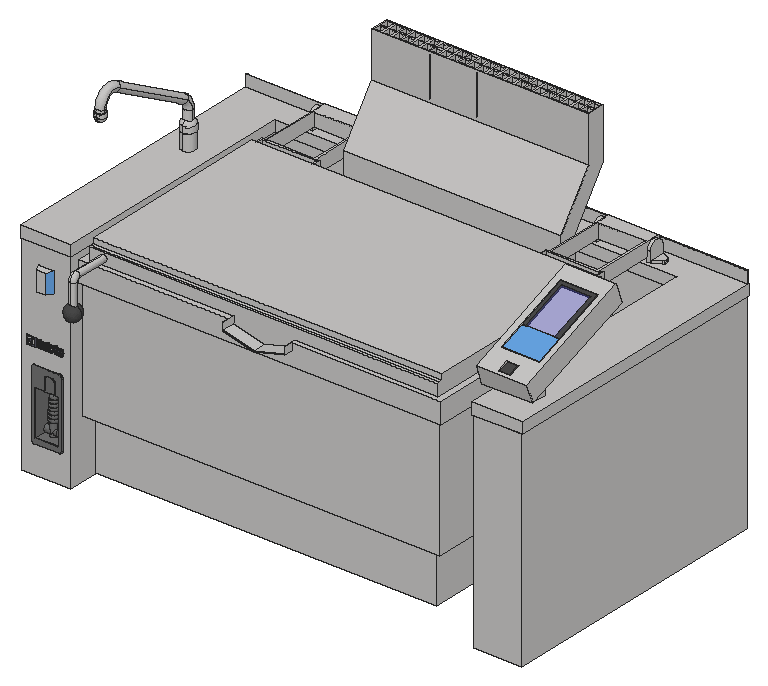
Revit family "QF_ELECTROLUXPROFESSIONAL_586297_PFET17GLCX", category Attrezzature speciali, Revit 2023
Family settings
  Quota connettore circolare = Usa raggio
  Tipo di parte = Normale
  Basato su piano di lavoro = No
  Attiva taglio nelle viste = No
  Sempre verticale = Sì
  Taglio con vuoti quando caricato = No
  Mantieni orientamento annotazione = No
  Condiviso = Sì
  Punto di calcolo locali = No
Parameters (values of type "Standard")
  Weight = 300.00 kg
  Watts = 0 W
  Volts = 230 V
  URL Manufacturer = "http://professional.electrolux.com"
  URL = "http://professional.electrolux.com"
  Steam Supply Size = 0"
  Steam Supply Minimum Pressure = 0.00 psi
  Steam Supply Maximum Pressure = 0.00 psi
  Steam Pounds per Hour = 0
  Show Logo [instance] = yes
  Refrigeration Suction Line Size = 0"
  Refrigeration Liquid Line Size = 0"
  Refrigerant Compressor Remote = yes
  Prospetto di default = 0.00 mm
  Plinth Base Finish [instance] = QF_Finishes_Concrete
  Plinth Base [instance] = not(Base Height = 500.00 mm)  # yes
  Phase = 1
  Modello = "PFET17GLCS"
  Produttore = "Electrolux Professional"
  Length Actual = 1600.00 mm  # constant formula
  Item Number = "586958"
  Hot Water Size = 1/2"
  Height Actual = 700.00 mm  # constant formula
  HP = "0.3 HP"
  Gas Size = 1"
  Gas KW = 29
  Gas Input Pressure = 0.941485 Btu/h
  Direct Waste Size = 0"
  Descrizione = "GAS TILTING BRAISING PAN,AUTO H/C WATER FILL INLET,SPRAY GUN, 170L,H700,COMPOUND,BS,FS,D900,REAR CLS KIT,GUID.COOK.S"
  Depth Actual = 900.00 mm  # constant formula
  Cycle = 50 Hz
  Condensate Return Size = 0"
  Compressed Air Volume = 0 GPM
  Compressed Air Size = 0"
  Compressed Air Pressure = 0.00 psi
  Cold Water Size = 1/2"
  Bracket [instance] = Base Height = 500.00 mm  # no
  Body Finish [instance] = QF_Finishes_Stainless Steel
  Base Height = 200.00 mm
  Show Clearance [instance] = yes
  Assembly Code = ""
  Accessory = yes
Reference planes
  plane 1 "BACK": y = 0
  plane 2: z = 0
  plane 3 "LEFT": x = 0
  plane 4 "RIGHT": x = 1600
  plane 5 "FRONT": y = -900
  plane 6 "TOP": z = 900
  plane 7: z = 200
  plane 8 "Center": x = 800
  plane 9: y = -450
  plane 10: y = -971
  plane 11: z = 913.881
  plane 12: z = 1865
  plane 13: y = -1014
  plane 14: y = -680
Forms (mm)
  Extrusion 1, solid, material "QF_Finishes_Stainless Steel" <- "Body Finish"
    sketch origin (0, 0, 900) x (-1, 0, 0) y (0, -1, 0)
      loop
        line (0, 0) -> (0, 900) -> (-160, 900) -> (-160, 86) -> (-1440, 86) -> (-1440, 900) -> (-1600, 900) -> (-1600, 0) -> (0, 0)
    from 0 to -35
  Extrusion 2, solid, material "QF_Finishes_Stainless Steel" <- "Body Finish"
    sketch origin (0, 0, 0) x (1, 0, 0) y (0, 0, 1)
      loop
        line (157, 865) -> (157, 500) -> (1443, 500) -> (1443, 865) -> (157, 865)
    from 3 to 83
  Extrusion 3, solid, material "QF_Finishes_Stainless Steel" <- "Body Finish"
    sketch origin (0, 0, 0) x (1, 0, 0) y (0, 0, 1)
      loop
        line (230, 454.5) -> (1370, 454.5) -> (1370, 833) -> (230, 833) -> (230, 454.5)
    from 265 to 940
  Extrusion 4, solid, material "QF_Finishes_Stainless Steel" <- "Body Finish"
    sketch origin (-975.299, -4572, 900) x (-1, 0, 0) y (0, -1, 0)
      loop
        line (-1230.839, -4289.157) -> (-1234.839, -4289.157) -> (-1234.839, -4309.857) -> (-1410.839, -4309.857) -> (-1410.839, -4289.157) -> (-1414.839, -4289.157) -> (-1414.839, -4313.857) -> (-1402.239, -4313.857) -> (-1402.239, -4549.945) -> (-1243.239, -4549.945) -> (-1243.239, -4313.857) -> (-1230.839, -4313.857) -> (-1230.839, -4289.157)
      loop
        line (-1247.239, -4313.857) -> (-1398.239, -4313.857) -> (-1398.239, -4502) -> (-1247.239, -4502) -> (-1247.239, -4313.857)
    from 11 to 56
  Sweep 5, solid, material "QF_Finishes_Stainless Steel" <- "Body Finish"
    path origin (287.976, -51.8, 0) x (0, 1, 0) y (0, 0, 1)
      loop
        line (-877.5, 920) -> (-985.5, 920)
        arc (-985.5, 920) -> (-994.07, 916.45) -> (-997.619, 907.881) r 12.119
        line (-997.619, 907.881) -> (-997.619, 837.881)
    profile origin (287.976, -983.3, 920) x (0, 0, -1) y (1, 0, 0)
      loop
        circle (0, 0) r 10
  Revolve 6, solid, material "QF_Finishes_Black"
    sketch origin (0, -1049.419, 0) x (1, 0, 0) y (0, 0, 1)
      loop
        line (287.976, 837.881) -> (287.976, 792.881)
        arc (287.976, 792.881) -> (312.449, 812.773) -> (297.976, 840.794) r 25
        line (297.976, 840.794) -> (297.976, 837.881) -> (287.976, 837.881)
      axis (287.976, 792.881) -> (287.976, 840.794)
    angle from 0 to 360
  Extrusion 7, void
    sketch origin (0, -820, 0) x (1, 0, 0) y (0, 0, 1)
      loop
        line (700.793, 900) -> (700.793, 876.744) -> (800.793, 851.202) -> (900.793, 876.744) -> (900.793, 900) -> (700.793, 900)
    from 94.3 to 151
  Extrusion 8, solid, material "QF_Finishes_Stainless Steel" <- "Body Finish"
    sketch origin (337.94, -205.3, 900) x (0, 1, 0) y (0, 0, -1)
      loop
        line (135.3, 0) -> (135.3, -32)
        arc (135.3, -32) -> (159.273, -55.973) -> (183.245, -32) r 23.973
        line (183.245, -32) -> (183.245, 0) -> (135.3, 0)
    from 82.9 to 70
  Extrusion 9, solid, material "QF_Finishes_Stainless Steel" <- "Body Finish"
    sketch origin (509.84, -101, 900) x (0, 1, 0) y (0, 0, -1)
      loop
        line (31, 0) -> (31, -32)
        arc (31, -32) -> (54.973, -55.973) -> (78.945, -32) r 23.973
        line (78.945, -32) -> (78.945, 0) -> (31, 0)
    from 70 to 82.9
  Extrusion 10, solid, material "QF_Finishes_Stainless Steel" <- "Body Finish"
    sketch origin (862.06, -101, 900) x (0, 1, 0) y (0, 0, 1)
      loop
        line (31, 0) -> (78.945, 0) -> (78.945, 32)
        arc (78.945, 32) -> (54.973, 55.973) -> (31, 32) r 23.973
        line (31, 32) -> (31, 0)
    from 470 to 482.9
  Extrusion 11, solid, material "QF_Finishes_Stainless Steel" <- "Body Finish"
    sketch origin (690.16, -101, 900) x (0, 1, 0) y (0, 0, 1)
      loop
        line (31, 0) -> (78.945, 0) -> (78.945, 32)
        arc (78.945, 32) -> (54.973, 55.973) -> (31, 32) r 23.973
        line (31, 32) -> (31, 0)
    from 470 to 482.9
  Blend 12, solid, material "QF_Finishes_Stainless Steel" <- "Body Finish"
    base sketch origin (157, -897, 0) x (-1, 0, 0) y (0, 0, -1)
      loop
        line (100.5, -805.4) -> (100.5, -738.6) -> (53.5, -738.6) -> (53.5, -805.4) -> (100.5, -805.4)
    top sketch origin (157, -897, 0) x (-1, 0, 0) y (0, 0, -1)
      loop
        line (90.448, -802.617) -> (90.448, -741.383) -> (63.552, -741.383) -> (63.552, -802.617) -> (90.448, -802.617)
    from 0 to 20.065
  Extrusion 13, solid, material "QF_Finishes_Stainless Steel" <- "Body Finish"
    sketch origin (0, 0, 900) x (-1, 0, 0) y (0, -1, 0)
      loop
        line (-1133.888, 36.346) -> (-1130.354, 39.408) -> (-1128.411, 43.662) -> (-1128.411, 47.996) -> (-1130.354, 52.592) -> (-1133.888, 55.654) -> (-1160.16, 70) -> (-1160.16, 22) -> (-1133.888, 36.346)
      loop
        line (-1371.232, 36.346) -> (-1344.96, 22) -> (-1344.96, 70) -> (-1371.232, 55.654) -> (-1374.766, 52.592) -> (-1376.709, 47.996) -> (-1376.709, 43.662) -> (-1374.766, 39.408) -> (-1371.232, 36.346)
      loop
        line (-466.112, 36.346) -> (-439.84, 22) -> (-439.84, 70) -> (-466.112, 55.654) -> (-469.646, 52.592) -> (-471.589, 47.996) -> (-471.589, 43.662) -> (-469.646, 39.408) -> (-466.112, 36.346)
      loop
        line (-228.768, 36.346) -> (-225.234, 39.408) -> (-223.291, 43.662) -> (-223.291, 47.996) -> (-225.234, 52.592) -> (-228.768, 55.654) -> (-255.04, 70) -> (-255.04, 22) -> (-228.768, 36.346)
    from 0 to 8
  Extrusion 14, solid, material "QF_Finishes_Stainless Steel" <- "Body Finish"
    sketch origin (0, 0, 0) x (0, 1, 0) y (0, 0, 1)
      loop
        line (-914.3, 957.5) -> (-914.3, 939.75) -> (-926.264, 939.75)
        arc (-926.264, 939.75) -> (-928.435, 938.566) -> (-929.3, 936.25) r 3.536
        line (-929.3, 936.25) -> (-929.3, 900) -> (-282.843, 900) -> (-282.843, 957.5) -> (-914.3, 957.5)
    from 245.454 to 1355.493
  Revolve 15, solid, material "QF_Finishes_Stainless Steel" <- "Body Finish"
    sketch origin (-975.299, -4623, 730) x (-1, 0, 0) y (0, -1, 0)
      loop
        line (-1205.299, -4000) -> (-1138.736, -4000) -> (-1138.736, -4030) -> (-1132.299, -4030) -> (-1132.299, -3943) -> (-1205.299, -3943) -> (-1205.299, -4000)
      loop
        line (-2345.299, -4000) -> (-2345.299, -3943) -> (-2418.299, -3943) -> (-2418.299, -4030) -> (-2411.861, -4030) -> (-2411.861, -4000) -> (-2345.299, -4000)
      axis (-1132.299, -3943) -> (-2418.299, -3943)
    angle from 0 to 360
  Extrusion 16, solid, material "QF_Finishes_Stainless Steel" <- "Body Finish"
    sketch origin (-975.299, -4572, 900) x (-1, 0, 0) y (0, -1, 0)
      loop
        line (-1199.802, -4307) -> (-1199.802, -3625.985) -> (-2353.192, -3625.985) -> (-2353.192, -4307) -> (-1199.802, -4307)
    from -67 to 0
  Extrusion 17, solid, material "QF_Finishes_Clearance", visible <- "Show Clearance", detail levels coarse
    sketch origin (337.94, -205.3, 900) x (0, 1, 0) y (0, 0, -1)
      loop
        line (183.245, -56) -> (-726.755, -56)
        arc (-726.755, -56) -> (-538.692, -602.19) -> (-89.181, -965) r 1044.91
        line (-89.181, -965) -> (183.245, -56)
    from -1017.553 to 92.486
  Extrusion 18, solid, material "QF_Finishes_Clearance", visible <- "Show Clearance", detail levels coarse
    sketch origin (600, 0, 0) x (0, 1, 0) y (0, 0, 1)
      loop
        line (-940, 833) -> (-971, 833) -> (-971, 893.936)
        arc (-971, 893.936) -> (-1012.856, 702.38) -> (-940, 520.343) r 334
        line (-940, 520.343) -> (-940, 833)
    from -375.497 to 777.893
  Extrusion 19, solid, material "QF_Finishes_Stainless Steel"
    sketch origin (0, 0, 386.36) x (0, 0, 1) y (1, 0, 0)
      loop
        circle (8.64, 106.204) r 6.35
      loop
        circle (8.64, 46.204) r 6.35
      loop
        circle (-41.36, 75) r 12.7
    from 0 to 5
  Extrusion 20, solid, material "QF_Finishes_Stainless Steel"
    sketch origin (1040, 0, 386.36) x (0, 0, 1) y (1, 0, 0)
      loop
        circle (-66.36, 481.204) r 6.35
    from 0 to 5
  Extrusion 21, solid, material "QF_Finishes_Stainless Steel" <- "Body Finish"
    sketch origin (800, 0, 0) x (0, 1, 0) y (0, 0, 1)
      loop
        line (-180, 956) -> (-180, 598) -> (-265, 598) -> (-265, 540) -> (-122, 540) -> (-122, 937.155) -> (-10.18, 1091.061) -> (-10.18, 1254) -> (-68.18, 1254) -> (-68.18, 1109.907) -> (-180, 956)
    from -345 to 345
  Extrusion 22, solid, material "QF_Finishes_Stainless Steel" <- "Body Finish"
    sketch origin (0, 0, 29.5) x (1, 0, 0) y (0, 0, 1)
      loop
        line (256.991, 425) -> (256.991, 263.5) -> (1342.245, 263.5) -> (1342.245, 425) -> (256.991, 425)
    from 265 to 920
  Extrusion 23, solid, material "QF_Finishes_Stainless Steel" <- "Body Finish"
    sketch origin (0, -100, 0) x (1, 0, 0) y (0, 1, 0)
      loop
        line (157, 97) -> (3, 97) -> (3, -797) -> (157, -797) -> (157, 97)
      loop
        line (1597, 97) -> (1443, 97) -> (1443, -797) -> (1597, -797) -> (1597, 97)
    from 200 to 865
  Extrusion 24, solid, material "Navy Blue", visible <- "Show Logo"
    sketch origin (160, -897, 0) x (-1, 0, 0) y (0, 0, -1)
      loop
        line (101.332, -593.18) -> (109.793, -593.18) -> (109.793, -583.327)
        arc (109.793, -583.327) -> (108.679, -580.639) -> (105.991, -579.525) r 3.802
        line (105.991, -579.525) -> (101.168, -579.525) -> (101.168, -581.736) -> (105.441, -581.736)
        arc (105.441, -581.736) -> (106.845, -582.21) -> (107.442, -583.566) r 1.838
        line (107.442, -583.566) -> (107.442, -585.52) -> (101.698, -585.52) -> (101.698, -587.738) -> (107.442, -587.738) -> (107.442, -590.968) -> (101.332, -590.968) -> (101.332, -593.18)
      loop
        line (99.498, -593.18) -> (99.498, -579.525) -> (97.146, -579.525) -> (97.146, -593.18) -> (99.498, -593.18)
      loop
        line (48.417, -593.18) -> (48.417, -579.525) -> (46.064, -579.525) -> (46.064, -593.18) -> (48.417, -593.18)
      loop
        line (93.257, -583.886) -> (85.539, -583.886)
        arc (85.539, -583.886) -> (86.746, -588.126) -> (90.874, -589.672) r 4.89
        arc (90.874, -589.672) -> (94.51, -587.828) -> (95.548, -583.886) r 4.976
        arc (95.548, -583.886) -> (94.182, -580.589) -> (90.886, -579.224) r 4.662
        arc (90.886, -579.224) -> (88.32, -579.602) -> (86.169, -581.05) r 5.86
        line (86.169, -581.05) -> (87.562, -582.444)
        arc (87.562, -582.444) -> (89.391, -581.347) -> (91.516, -581.531) r 3.458
        arc (91.516, -581.531) -> (92.812, -582.394) -> (93.257, -583.886) r 2.29
      loop
        line (93.198, -585.539) -> (87.902, -585.539)
        arc (87.902, -585.539) -> (88.645, -587.103) -> (90.278, -587.679) r 2.256
        arc (90.278, -587.679) -> (92.162, -587.188) -> (93.198, -585.539) r 2.64
      loop
        line (76.371, -586.524) -> (74.894, -588)
        arc (74.894, -588) -> (76.746, -589.341) -> (78.997, -589.742) r 5.117
        arc (78.997, -589.742) -> (82.429, -588.487) -> (84.231, -585.308) r 5.293
        arc (84.231, -585.308) -> (81.194, -579.733) -> (74.977, -581.018) r 5.33
        line (74.977, -581.018) -> (76.446, -582.487)
        arc (76.446, -582.487) -> (79.616, -581.438) -> (81.887, -583.886) r 3.088
        arc (81.887, -583.886) -> (81.729, -585.821) -> (80.396, -587.234) r 2.933
        arc (80.396, -587.234) -> (78.264, -587.559) -> (76.371, -586.524) r 3.369
      loop
        line (73.45, -593.18) -> (73.45, -583.849)
        arc (73.45, -583.849) -> (73.246, -582.449) -> (72.722, -581.135) r 6.031
        arc (72.722, -581.135) -> (71.044, -579.8) -> (68.918, -579.519) r 4.018
        line (68.918, -579.519) -> (68.918, -581.723)
        arc (68.918, -581.723) -> (69.55, -581.771) -> (70.139, -582.005) r 2.118
        arc (70.139, -582.005) -> (70.895, -582.804) -> (71.098, -583.886) r 1.949
        line (71.098, -583.886) -> (71.098, -587.265) -> (68.962, -587.265) -> (68.962, -589.401) -> (71.098, -589.401) -> (71.098, -593.18) -> (73.45, -593.18)
      loop
        arc (64.65, -584.717) -> (64.482, -585.701) -> (63.997, -586.574) r 2.967
        arc (63.997, -586.574) -> (62.588, -587.297) -> (61.004, -587.265) r 3.231
        line (61.004, -587.265) -> (61.004, -589.525)
        arc (61.004, -589.525) -> (63.073, -589.33) -> (64.65, -587.977) r 3.432
        line (64.65, -587.977) -> (64.65, -589.401) -> (66.983, -589.401) -> (66.983, -579.525) -> (64.65, -579.525) -> (64.65, -584.717)
      loop
        circle (55.254, -584.461) r 5.233
      loop
        circle (55.254, -584.461) r 3.172
      loop
        arc (37.582, -583.638) -> (38.162, -582.041) -> (39.738, -581.405) r 2.088
        arc (39.738, -581.405) -> (41.313, -582.041) -> (41.894, -583.638) r 2.088
        line (41.894, -583.638) -> (41.894, -589.401) -> (44.266, -589.401) -> (44.266, -583.442)
        arc (44.266, -583.442) -> (42.916, -580.365) -> (39.738, -579.275) r 4.181
        arc (39.738, -579.275) -> (36.524, -580.398) -> (35.211, -583.539) r 4.181
        line (35.211, -583.539) -> (35.211, -589.401) -> (37.582, -589.401) -> (37.582, -583.638)
      loop
        line (33.789, -589.401) -> (30.374, -584.764) -> (34.126, -579.522) -> (31.598, -579.522) -> (29.107, -583.001) -> (26.58, -579.522) -> (24.068, -579.522) -> (27.767, -584.817) -> (24.385, -589.401) -> (26.952, -589.401) -> (29.115, -586.469) -> (31.245, -589.401) -> (33.789, -589.401)
      loop
        line (108.47, -573.865) -> (110.346, -573.865) -> (110.346, -569.143) -> (109.319, -569.143) -> (109.319, -570.769) -> (108.185, -570.769)
        arc (108.185, -570.769) -> (106.916, -572.447) -> (108.47, -573.865) r 1.561
      loop
        arc (108.23, -571.697) -> (107.841, -572.304) -> (108.23, -572.911) r 0.668
        line (108.23, -572.911) -> (109.319, -572.911) -> (109.319, -571.697) -> (108.23, -571.697)
      loop
        line (101.061, -573.865) -> (102.968, -573.865) -> (102.968, -569.143) -> (101.942, -569.143) -> (101.942, -570.769) -> (100.949, -570.769) -> (100.27, -569.143) -> (99.168, -569.143) -> (100.097, -571.134)
        arc (100.097, -571.134) -> (99.652, -571.665) -> (99.502, -572.343) r 1.458
        arc (99.502, -572.343) -> (99.971, -573.421) -> (101.061, -573.865) r 1.559
      loop
        line (101.942, -572.911) -> (101.942, -571.697) -> (100.852, -571.697)
        arc (100.852, -571.697) -> (100.464, -572.304) -> (100.852, -572.911) r 0.668
        line (100.852, -572.911) -> (101.942, -572.911)
      loop
        circle (93.139, -571.504) r 2.453
      loop
        circle (93.139, -571.504) r 1.557
      loop
        line (86.655, -573.865) -> (86.655, -569.143) -> (85.654, -569.143) -> (85.654, -570.793) -> (83.876, -570.793) -> (83.876, -571.851) -> (85.654, -571.851) -> (85.654, -572.847) -> (83.706, -572.847) -> (83.706, -573.865) -> (86.655, -573.865)
      loop
        line (79.724, -573.865) -> (79.724, -570.677)
        arc (79.724, -570.677) -> (79.288, -569.596) -> (78.213, -569.146) r 1.51
        line (78.213, -569.146) -> (76.689, -569.146) -> (76.689, -570.038) -> (78.122, -570.038)
        arc (78.122, -570.038) -> (78.65, -570.475) -> (78.753, -571.151) r 0.961
        line (78.753, -571.151) -> (76.866, -571.151) -> (76.866, -572.043) -> (78.753, -572.043) -> (78.753, -572.973) -> (76.735, -572.973) -> (76.735, -573.865) -> (79.724, -573.865)
      loop
        arc (62.624, -573.267) -> (63.249, -573.78) -> (64.041, -573.943) r 1.69
        arc (64.041, -573.943) -> (64.773, -573.764) -> (65.374, -573.31) r 1.872
        arc (65.374, -573.31) -> (65.486, -572.238) -> (64.794, -571.411) r 1.385
        arc (64.794, -571.411) -> (64.212, -571.217) -> (63.66, -570.95) r 4.78
        arc (63.66, -570.95) -> (63.312, -570.539) -> (63.552, -570.057) r 0.489
        arc (63.552, -570.057) -> (63.998, -569.952) -> (64.442, -570.065) r 0.963
        arc (64.442, -570.065) -> (64.826, -570.341) -> (65.061, -570.752) r 1.118
        line (65.061, -570.752) -> (65.887, -570.367)
        arc (65.887, -570.367) -> (65.589, -569.793) -> (65.11, -569.36) r 1.815
        arc (65.11, -569.36) -> (64.566, -569.127) -> (63.978, -569.068) r 1.957
        arc (63.978, -569.068) -> (63.25, -569.213) -> (62.595, -569.561) r 2.556
        arc (62.595, -569.561) -> (62.305, -570.331) -> (62.455, -571.139) r 1.535
        arc (62.455, -571.139) -> (62.778, -571.512) -> (63.19, -571.781) r 1.779
        arc (63.19, -571.781) -> (63.712, -572.014) -> (64.248, -572.215) r 9.371
        arc (64.248, -572.215) -> (64.557, -572.696) -> (64.11, -573.053) r 0.427
        arc (64.11, -573.053) -> (63.575, -572.924) -> (63.163, -572.558) r 1.135
        line (63.163, -572.558) -> (62.624, -573.267)
      loop
        line (58.291, -573.865) -> (58.291, -569.146) -> (57.321, -569.146) -> (57.321, -573.865) -> (58.291, -573.865)
      loop
        circle (50.779, -571.506) r 1.468
      loop
        circle (50.779, -571.506) r 2.451
      loop
        line (44.27, -569.146) -> (43.289, -569.146) -> (43.289, -572.113) -> (41.131, -569.146) -> (40.187, -569.146) -> (40.187, -573.865) -> (41.168, -573.865) -> (41.168, -570.808) -> (43.326, -573.865) -> (44.27, -573.865) -> (44.27, -569.146)
      loop
        line (35.295, -569.146) -> (34.836, -570.164) -> (33.09, -570.164) -> (32.631, -569.146) -> (31.588, -569.146) -> (33.581, -573.865) -> (34.491, -573.865) -> (36.337, -569.146) -> (35.295, -569.146)
      loop
        line (33.526, -571.132) -> (33.993, -572.169) -> (34.447, -571.132) -> (33.526, -571.132)
      loop
        line (26.769, -570.038) -> (26.769, -573.865) -> (27.739, -573.865) -> (27.739, -569.146) -> (24.954, -569.146) -> (24.954, -570.038) -> (26.769, -570.038)
      loop
        arc (69.698, -573.267) -> (70.324, -573.78) -> (71.116, -573.943) r 1.69
        arc (71.116, -573.943) -> (71.847, -573.764) -> (72.449, -573.31) r 1.872
        arc (72.449, -573.31) -> (72.56, -572.238) -> (71.868, -571.411) r 1.385
        arc (71.868, -571.411) -> (71.287, -571.217) -> (70.735, -570.95) r 4.78
        arc (70.735, -570.95) -> (70.386, -570.539) -> (70.627, -570.057) r 0.489
        arc (70.627, -570.057) -> (71.073, -569.952) -> (71.517, -570.065) r 0.963
        arc (71.517, -570.065) -> (71.901, -570.341) -> (72.136, -570.752) r 1.118
        line (72.136, -570.752) -> (72.961, -570.367)
        arc (72.961, -570.367) -> (72.664, -569.793) -> (72.184, -569.36) r 1.815
        arc (72.184, -569.36) -> (71.64, -569.127) -> (71.052, -569.068) r 1.957
        arc (71.052, -569.068) -> (70.325, -569.213) -> (69.669, -569.561) r 2.556
        arc (69.669, -569.561) -> (69.38, -570.331) -> (69.529, -571.139) r 1.535
        arc (69.529, -571.139) -> (69.852, -571.512) -> (70.265, -571.781) r 1.779
        arc (70.265, -571.781) -> (70.787, -572.014) -> (71.322, -572.215) r 9.371
        arc (71.322, -572.215) -> (71.632, -572.696) -> (71.185, -573.053) r 0.427
        arc (71.185, -573.053) -> (70.649, -572.924) -> (70.238, -572.558) r 1.135
        line (70.238, -572.558) -> (69.698, -573.267)
      loop
        line (124.467, -593.367) -> (124.467, -568.534)
        arc (124.467, -568.534) -> (115.287, -580.95) -> (124.467, -593.367) r 12.987
      loop
        arc (125.423, -593.446) -> (135.891, -591.227) -> (141.022, -581.837) r 12.809
        line (141.022, -581.837) -> (135.422, -581.837)
        arc (135.422, -581.837) -> (128.84, -585.012) -> (125.423, -591.472) r 11.707
        line (125.423, -591.472) -> (125.423, -593.446)
      loop
        arc (125.73, -570.332) -> (129.585, -577.251) -> (136.925, -580.23) r 11.93
        line (136.925, -580.23) -> (141.033, -580.23)
        arc (141.033, -580.23) -> (136.066, -570.804) -> (125.73, -568.215) r 13.06
        line (125.73, -568.215) -> (125.73, -570.332)
      loop
        line (141.976, -594.722) -> (141.976, -567.122) -> (114.339, -567.122) -> (114.339, -594.722) -> (141.976, -594.722)
    from 0 to 0.697
  Extrusion 25, void
    sketch origin (0, -900, 0) x (1, 0, 0) y (0, 0, 1)
      loop
        line (125.4, 500.944) -> (43.4, 500.944) -> (43.4, 305.944) -> (125.4, 305.944) -> (125.4, 500.944)
    from 0 to -63
  Extrusion 26, solid, material "QF_Finishes_Stainless Steel"
    sketch origin (800, -100, 0) x (0, 1, 0) y (0, 0, 1)
      loop
        line (98, 937.998) -> (98, 900) -> (100, 900) -> (100, 937.998) -> (98, 937.998)
    from 800 to -800
  Extrusion 27, solid, material "QF_Finishes_Stainless Steel" <- "Body Finish"
    sketch origin (0, -900, 0) x (1, 0, 0) y (0, 0, 1)
      loop
        line (700.793, 900) -> (700.793, 876.744) -> (800.793, 851.202) -> (900.793, 876.744) -> (900.793, 900) -> (898.793, 900) -> (898.793, 878.297) -> (800.793, 853.267) -> (702.793, 878.297) -> (702.793, 900) -> (700.793, 900)
    from 14.3 to 71
  Extrusion 28, solid, material "QF_Finishes_Stainless Steel" <- "Body Finish"
    sketch origin (0, -900, 0) x (1, 0, 0) y (0, 0, 1)
      loop
        line (704.793, 900) -> (704.793, 879.85) -> (800.793, 855.331) -> (896.793, 879.85) -> (896.793, 900) -> (704.793, 900)
    from 14.3 to 29.3
  Extrusion 29, solid, material "QF_Finishes_Stainless Steel" <- "Body Finish"
    sketch origin (2575.299, -4572, 900) x (1, 0, 0) y (0, 1, 0)
      loop
        line (-1230.839, 4289.157) -> (-1230.839, 4313.857) -> (-1243.239, 4313.857) -> (-1243.239, 4549.945) -> (-1402.239, 4549.945) -> (-1402.239, 4313.857) -> (-1414.839, 4313.857) -> (-1414.839, 4289.157) -> (-1410.839, 4289.157) -> (-1410.839, 4309.857) -> (-1234.839, 4309.857) -> (-1234.839, 4289.157) -> (-1230.839, 4289.157)
      loop
        line (-1247.239, 4313.857) -> (-1247.239, 4502) -> (-1398.239, 4502) -> (-1398.239, 4313.857) -> (-1247.239, 4313.857)
    from 11 to 56
  Extrusion 30, void
    sketch origin (0, 0, 900) x (-1, 0, 0) y (0, -1, 0)
      loop
        line (-458, 40.68) -> (-458, 64.68) -> (-482, 64.68) -> (-482, 40.68) -> (-458, 40.68)
      loop
        line (-458, 37.68) -> (-482, 37.68) -> (-482, 13.68) -> (-458, 13.68) -> (-458, 37.68)
      loop
        line (-488, 40.68) -> (-488, 64.68) -> (-512, 64.68) -> (-512, 40.68) -> (-488, 40.68)
      loop
        line (-488, 37.68) -> (-512, 37.68) -> (-512, 13.68) -> (-488, 13.68) -> (-488, 37.68)
      loop
        line (-518, 40.68) -> (-518, 64.68) -> (-542, 64.68) -> (-542, 40.68) -> (-518, 40.68)
      loop
        line (-518, 37.68) -> (-542, 37.68) -> (-542, 13.68) -> (-518, 13.68) -> (-518, 37.68)
      loop
        line (-548, 40.68) -> (-548, 64.68) -> (-572, 64.68) -> (-572, 40.68) -> (-548, 40.68)
      loop
        line (-548, 37.68) -> (-572, 37.68) -> (-572, 13.68) -> (-548, 13.68) -> (-548, 37.68)
      loop
        line (-578, 40.68) -> (-578, 64.68) -> (-602, 64.68) -> (-602, 40.68) -> (-578, 40.68)
      loop
        line (-578, 37.68) -> (-602, 37.68) -> (-602, 13.68) -> (-578, 13.68) -> (-578, 37.68)
      loop
        line (-608, 40.68) -> (-608, 64.68) -> (-632, 64.68) -> (-632, 40.68) -> (-608, 40.68)
      loop
        line (-608, 37.68) -> (-632, 37.68) -> (-632, 13.68) -> (-608, 13.68) -> (-608, 37.68)
      loop
        line (-638, 40.68) -> (-638, 64.68) -> (-662, 64.68) -> (-662, 40.68) -> (-638, 40.68)
      loop
        line (-638, 37.68) -> (-662, 37.68) -> (-662, 13.68) -> (-638, 13.68) -> (-638, 37.68)
      loop
        line (-668, 40.68) -> (-668, 64.68) -> (-692, 64.68) -> (-692, 40.68) -> (-668, 40.68)
      loop
        line (-668, 37.68) -> (-692, 37.68) -> (-692, 13.68) -> (-668, 13.68) -> (-668, 37.68)
      loop
        line (-698, 40.68) -> (-698, 64.68) -> (-722, 64.68) -> (-722, 40.68) -> (-698, 40.68)
      loop
        line (-698, 37.68) -> (-722, 37.68) -> (-722, 13.68) -> (-698, 13.68) -> (-698, 37.68)
      loop
        line (-728, 40.68) -> (-728, 64.68) -> (-752, 64.68) -> (-752, 40.68) -> (-728, 40.68)
      loop
        line (-728, 37.68) -> (-752, 37.68) -> (-752, 13.68) -> (-728, 13.68) -> (-728, 37.68)
      loop
        line (-758, 40.68) -> (-758, 64.68) -> (-782, 64.68) -> (-782, 40.68) -> (-758, 40.68)
      loop
        line (-758, 37.68) -> (-782, 37.68) -> (-782, 13.68) -> (-758, 13.68) -> (-758, 37.68)
      loop
        line (-788, 40.68) -> (-788, 64.68) -> (-812, 64.68) -> (-812, 40.68) -> (-788, 40.68)
      loop
        line (-788, 37.68) -> (-812, 37.68) -> (-812, 13.68) -> (-788, 13.68) -> (-788, 37.68)
      loop
        line (-1142, 40.68) -> (-1118, 40.68) -> (-1118, 64.68) -> (-1142, 64.68) -> (-1142, 40.68)
      loop
        line (-1142, 37.68) -> (-1142, 13.68) -> (-1118, 13.68) -> (-1118, 37.68) -> (-1142, 37.68)
      loop
        line (-1112, 40.68) -> (-1088, 40.68) -> (-1088, 64.68) -> (-1112, 64.68) -> (-1112, 40.68)
      loop
        line (-1112, 37.68) -> (-1112, 13.68) -> (-1088, 13.68) -> (-1088, 37.68) -> (-1112, 37.68)
      loop
        line (-1082, 40.68) -> (-1058, 40.68) -> (-1058, 64.68) -> (-1082, 64.68) -> (-1082, 40.68)
      loop
        line (-1082, 37.68) -> (-1082, 13.68) -> (-1058, 13.68) -> (-1058, 37.68) -> (-1082, 37.68)
      loop
        line (-1052, 40.68) -> (-1028, 40.68) -> (-1028, 64.68) -> (-1052, 64.68) -> (-1052, 40.68)
      loop
        line (-1052, 37.68) -> (-1052, 13.68) -> (-1028, 13.68) -> (-1028, 37.68) -> (-1052, 37.68)
      loop
        line (-1022, 40.68) -> (-998, 40.68) -> (-998, 64.68) -> (-1022, 64.68) -> (-1022, 40.68)
      loop
        line (-1022, 37.68) -> (-1022, 13.68) -> (-998, 13.68) -> (-998, 37.68) -> (-1022, 37.68)
      loop
        line (-992, 40.68) -> (-968, 40.68) -> (-968, 64.68) -> (-992, 64.68) -> (-992, 40.68)
      loop
        line (-992, 37.68) -> (-992, 13.68) -> (-968, 13.68) -> (-968, 37.68) -> (-992, 37.68)
      loop
        line (-962, 40.68) -> (-938, 40.68) -> (-938, 64.68) -> (-962, 64.68) -> (-962, 40.68)
      loop
        line (-962, 37.68) -> (-962, 13.68) -> (-938, 13.68) -> (-938, 37.68) -> (-962, 37.68)
      loop
        line (-932, 40.68) -> (-908, 40.68) -> (-908, 64.68) -> (-932, 64.68) -> (-932, 40.68)
      loop
        line (-932, 37.68) -> (-932, 13.68) -> (-908, 13.68) -> (-908, 37.68) -> (-932, 37.68)
      loop
        line (-902, 40.68) -> (-878, 40.68) -> (-878, 64.68) -> (-902, 64.68) -> (-902, 40.68)
      loop
        line (-902, 37.68) -> (-902, 13.68) -> (-878, 13.68) -> (-878, 37.68) -> (-902, 37.68)
      loop
        line (-872, 40.68) -> (-848, 40.68) -> (-848, 64.68) -> (-872, 64.68) -> (-872, 40.68)
      loop
        line (-872, 37.68) -> (-872, 13.68) -> (-848, 13.68) -> (-848, 37.68) -> (-872, 37.68)
      loop
        line (-842, 40.68) -> (-818, 40.68) -> (-818, 64.68) -> (-842, 64.68) -> (-842, 40.68)
      loop
        line (-842, 37.68) -> (-842, 13.68) -> (-818, 13.68) -> (-818, 37.68) -> (-842, 37.68)
    from 218.129 to 354
Cuts and joins
  Extrusion 7 cuts Extrusion 16
  joined: Extrusion 3, Extrusion 14, Extrusion 16, Extrusion 27, Extrusion 28
  Extrusion 25 cuts Extrusion 23
  Extrusion 30 cuts Extrusion 21
Lines and regions (mm)
  symbolic lines
    curve 1: line (1600, 0, 900) -> (0, 0, 900)
    curve 2: line (1600, -900, 900) -> (1600, 0, 900)
    curve 3: line (1440, -900, 900) -> (1600, -900, 900)
    curve 4: line (1440, -86, 900) -> (1440, -900, 900)
    curve 5: line (0, 0, 900) -> (0, -900, 900)
    curve 6: line (160, -900, 900) -> (160, -86, 900)
    curve 7: line (0, -900, 900) -> (160, -900, 900)
    curve 8: line (160, -86, 900) -> (267.94, -86, 900)
    curve 9: line (1332.06, -86, 900) -> (1440, -86, 900)
    curve 10: line (1377.893, -265, 900) -> (1377.893, -946.015, 900)
    curve 11: line (224.503, -265, 900) -> (224.503, -946.015, 900)
    curve 19: line (0, -2, 0) -> (1600, -2, 0)
    curve 20: arc (277.976, -1049.419, 0) -> (287.976, -1059.419, 0) -> (297.976, -1049.419, 0) r 10
    curve 21: line (277.976, -929.3, 0) -> (277.976, -1049.419, 0)
    curve 22: arc (277.976, -1026.507, 0) -> (287.976, -1074.419, 0) -> (297.976, -1026.507, 0) r 25
    curve 23: line (297.976, -929.3, 0) -> (297.976, -1049.419, 0)
    curve 24: line (700.793, -971, 0) -> (700.793, -929.3, 0)
    curve 25: line (702.793, -971, 0) -> (702.793, -929.3, 0)
    curve 26: line (800.793, -971, 0) -> (800.793, -929.3, 0)
    curve 27: line (898.793, -971, 0) -> (898.793, -929.3, 0)
    curve 28: line (900.793, -971, 0) -> (900.793, -929.3, 0)
    curve 29: line (271.94, -86, 0) -> (422.94, -86, 0)
    curve 30: line (426.94, -86, 0) -> (455, -86, 0)
    curve 31: line (255.54, -265, 0) -> (224.503, -265, 0)
    curve 32: line (259.54, -265, 0) -> (435.54, -265, 0)
    curve 33: line (439.54, -265, 0) -> (1160.46, -265, 0)
    curve 34: line (1164.46, -265, 0) -> (1339.46, -265, 0)
    curve 35: line (1344.46, -265, 0) -> (1377.893, -265, 0)
    curve 36: line (1328.06, -86, 0) -> (1177.06, -86, 0)
    curve 37: line (1173.06, -86, 0) -> (1145, -86, 0)
    curve 38: line (245.454, -282.843, 0) -> (245.454, -929.3, 0)
    curve 39: line (1355.493, -282.843, 0) -> (245.454, -282.843, 0)
    curve 40: line (1355.493, -929.3, 0) -> (1355.493, -282.843, 0)
    curve 41: line (245.454, -929.3, 0) -> (1355.493, -929.3, 0)
    curve 42: line (245.454, -914.3, 0) -> (1355.493, -914.3, 0)
    curve 43: line (277.976, -946.015, 0) -> (224.503, -946.015, 0)
    curve 44: line (297.976, -946.015, 0) -> (700.793, -946.015, 0)
    curve 45: line (700.793, -971, 0) -> (900.793, -971, 0)
    curve 46: line (900.793, -946.015, 0) -> (1377.893, -946.015, 0)
    curve 47: line (255.54, -258.143, 0) -> (255.54, -282.843, 0)
    curve 48: line (267.94, -258.143, 0) -> (255.54, -258.143, 0)
    curve 49: line (267.94, -22.055, 0) -> (267.94, -258.143, 0)
    curve 50: line (259.54, -262.143, 0) -> (435.54, -262.143, 0)
    curve 51: line (259.54, -282.843, 0) -> (259.54, -262.143, 0)
    curve 52: line (439.54, -282.843, 0) -> (439.54, -258.143, 0)
    curve 53: line (435.54, -262.143, 0) -> (435.54, -282.843, 0)
    curve 54: line (439.54, -258.143, 0) -> (426.94, -258.143, 0)
    curve 55: line (426.94, -258.143, 0) -> (426.94, -22.055, 0)
    curve 56: line (422.94, -70, 0) -> (422.94, -258.143, 0)
    curve 57: line (271.94, -258.143, 0) -> (271.94, -70, 0)
    curve 58: line (267.94, -22.055, 0) -> (267.94, -258.143, 0)
    curve 59: line (422.94, -258.143, 0) -> (271.94, -258.143, 0)
    curve 60: line (440.04, -22.055, 0) -> (255.04, -22.055, 0)
    curve 61: line (255.04, -70, 0) -> (267.94, -70, 0)
    curve 62: line (255.04, -22.055, 0) -> (255.04, -70, 0)
    curve 63: line (255.04, -22, 0) -> (228.768, -36.346, 0)
    curve 64: line (228.768, -55.654, 0) -> (255.04, -70, 0)
    curve 65: line (223.291, -43.662, 0) -> (223.291, -47.996, 0)
    curve 66: line (225.234, -39.408, 0) -> (223.291, -43.662, 0)
    curve 67: line (228.768, -36.346, 0) -> (225.234, -39.408, 0)
    curve 68: line (223.291, -47.996, 0) -> (225.234, -52.592, 0)
    curve 69: line (225.234, -52.592, 0) -> (228.768, -55.654, 0)
    curve 70: line (426.94, -70, 0) -> (439.84, -70, 0)
    curve 71: line (439.84, -70, 0) -> (439.84, -22, 0)
    curve 72: line (455, -30.278, 0) -> (439.84, -22, 0)
    curve 73: line (439.84, -70, 0) -> (455, -61.722, 0)
    curve 74: line (1160.16, -22, 0) -> (1145, -30.278, 0)
    curve 75: line (1145, -61.722, 0) -> (1160.16, -70, 0)
    curve 76: line (1160.16, -22, 0) -> (1160.16, -70, 0)
    curve 77: line (1344.96, -22.055, 0) -> (1160.16, -22.055, 0)
    curve 78: line (1160.16, -70, 0) -> (1173.06, -70, 0)
    curve 79: line (1344.96, -70, 0) -> (1344.96, -22, 0)
    curve 80: line (1371.232, -36.346, 0) -> (1344.96, -22, 0)
    curve 81: line (1344.96, -70, 0) -> (1371.232, -55.654, 0)
    curve 82: line (1374.766, -39.408, 0) -> (1371.232, -36.346, 0)
    curve 83: line (1376.709, -43.662, 0) -> (1374.766, -39.408, 0)
    curve 84: line (1376.709, -47.996, 0) -> (1376.709, -43.662, 0)
    curve 85: line (1374.766, -52.592, 0) -> (1376.709, -47.996, 0)
    curve 86: line (1371.232, -55.654, 0) -> (1374.766, -52.592, 0)
    curve 87: line (1332.06, -70, 0) -> (1344.96, -70, 0)
    curve 88: line (1340.46, -262.143, 0) -> (1340.46, -282.843, 0)
    curve 89: line (1164.46, -262.143, 0) -> (1340.46, -262.143, 0)
    curve 90: line (1164.46, -282.843, 0) -> (1164.46, -262.143, 0)
    curve 91: line (1436.563, -623, 0) -> (1377.893, -623, 0)
    curve 92: line (1436.563, -737, 0) -> (1377.893, -737, 0)
    curve 93: line (1436.563, -767, 0) -> (1436.563, -593, 0)
    curve 94: line (1436.563, -593, 0) -> (1440, -593, 0)
    curve 95: line (1436.563, -767, 0) -> (1440, -767, 0)
    curve 96: line (163.437, -623, 0) -> (222.107, -623, 0)
    curve 97: line (163.437, -737, 0) -> (222.107, -737, 0)
    curve 98: line (163.437, -767, 0) -> (163.437, -593, 0)
    curve 99: line (163.437, -593, 0) -> (160, -593, 0)
    curve 100: line (163.437, -767, 0) -> (160, -767, 0)
    curve 101: line (455, -10.18, 0) -> (1145, -10.18, 0)
    curve 102: line (1145, -10.18, 0) -> (1145, -265, 0)
    curve 103: line (455, -10.18, 0) -> (455, -265, 0)
    curve 104: line (1145, -68.18, 0) -> (455, -68.18, 0)
    curve 105: line (455, -180, 0) -> (1145, -180, 0)
    curve 106: line (1145, -122, 0) -> (455, -122, 0)
    curve 107: line (271.94, -70, 0) -> (422.94, -70, 0)
    curve 108: line (1332.06, -22.055, 0) -> (1332.06, -258.143, 0)
    curve 109: line (1173.06, -258.143, 0) -> (1173.06, -22.055, 0)
    curve 110: line (1177.06, -70, 0) -> (1177.06, -258.143, 0)
    curve 111: line (1328.06, -258.143, 0) -> (1328.06, -70, 0)
    curve 112: line (1177.06, -70, 0) -> (1328.06, -70, 0)
    curve 113: line (1328.06, -258.143, 0) -> (1177.06, -258.143, 0)
    curve 114: line (1344.46, -282.843, 0) -> (1344.46, -258.143, 0)
    curve 115: line (1344.46, -258.143, 0) -> (1332.06, -258.143, 0)
    curve 116: line (1160.46, -282.843, 0) -> (1160.46, -258.143, 0)
    curve 117: line (1160.46, -258.143, 0) -> (1173.06, -258.143, 0)
    curve 118: line (458, -13.68, 0) -> (482, -13.68, 0)
    curve 119: line (458, -37.68, 0) -> (458, -13.68, 0)
    curve 120: line (482, -37.68, 0) -> (458, -37.68, 0)
    curve 121: line (482, -13.68, 0) -> (482, -37.68, 0)
    curve 122: line (458, -40.68, 0) -> (482, -40.68, 0)
    curve 123: line (458, -64.68, 0) -> (458, -40.68, 0)
    curve 124: line (482, -64.68, 0) -> (458, -64.68, 0)
    curve 125: line (482, -40.68, 0) -> (482, -64.68, 0)
    curve 126: line (488, -13.68, 0) -> (512, -13.68, 0)
    curve 127: line (488, -37.68, 0) -> (488, -13.68, 0)
    curve 128: line (512, -37.68, 0) -> (488, -37.68, 0)
    curve 129: line (512, -13.68, 0) -> (512, -37.68, 0)
    curve 130: line (488, -40.68, 0) -> (512, -40.68, 0)
    curve 131: line (488, -64.68, 0) -> (488, -40.68, 0)
    curve 132: line (512, -64.68, 0) -> (488, -64.68, 0)
    curve 133: line (512, -40.68, 0) -> (512, -64.68, 0)
    curve 134: line (518, -13.68, 0) -> (542, -13.68, 0)
    curve 135: line (518, -37.68, 0) -> (518, -13.68, 0)
    curve 136: line (542, -37.68, 0) -> (518, -37.68, 0)
    curve 137: line (542, -13.68, 0) -> (542, -37.68, 0)
    curve 138: line (518, -40.68, 0) -> (542, -40.68, 0)
    curve 139: line (518, -64.68, 0) -> (518, -40.68, 0)
    curve 140: line (542, -64.68, 0) -> (518, -64.68, 0)
    curve 141: line (542, -40.68, 0) -> (542, -64.68, 0)
    curve 142: line (548, -13.68, 0) -> (572, -13.68, 0)
    curve 143: line (548, -37.68, 0) -> (548, -13.68, 0)
    curve 144: line (572, -37.68, 0) -> (548, -37.68, 0)
    curve 145: line (572, -13.68, 0) -> (572, -37.68, 0)
    curve 146: line (548, -40.68, 0) -> (572, -40.68, 0)
    curve 147: line (548, -64.68, 0) -> (548, -40.68, 0)
    curve 148: line (572, -64.68, 0) -> (548, -64.68, 0)
    curve 149: line (572, -40.68, 0) -> (572, -64.68, 0)
    curve 150: line (578, -13.68, 0) -> (602, -13.68, 0)
    curve 151: line (578, -37.68, 0) -> (578, -13.68, 0)
    curve 152: line (602, -37.68, 0) -> (578, -37.68, 0)
    curve 153: line (602, -13.68, 0) -> (602, -37.68, 0)
    curve 154: line (578, -40.68, 0) -> (602, -40.68, 0)
    curve 155: line (578, -64.68, 0) -> (578, -40.68, 0)
    curve 156: line (602, -64.68, 0) -> (578, -64.68, 0)
    curve 157: line (602, -40.68, 0) -> (602, -64.68, 0)
    curve 158: line (608, -13.68, 0) -> (632, -13.68, 0)
    curve 159: line (608, -37.68, 0) -> (608, -13.68, 0)
    curve 160: line (632, -37.68, 0) -> (608, -37.68, 0)
    curve 161: line (632, -13.68, 0) -> (632, -37.68, 0)
    curve 162: line (608, -40.68, 0) -> (632, -40.68, 0)
    curve 163: line (608, -64.68, 0) -> (608, -40.68, 0)
    curve 164: line (632, -64.68, 0) -> (608, -64.68, 0)
    curve 165: line (632, -40.68, 0) -> (632, -64.68, 0)
    curve 166: line (638, -13.68, 0) -> (662, -13.68, 0)
    curve 167: line (638, -37.68, 0) -> (638, -13.68, 0)
    curve 168: line (662, -37.68, 0) -> (638, -37.68, 0)
    curve 169: line (662, -13.68, 0) -> (662, -37.68, 0)
    curve 170: line (638, -40.68, 0) -> (662, -40.68, 0)
    curve 171: line (638, -64.68, 0) -> (638, -40.68, 0)
    curve 172: line (662, -64.68, 0) -> (638, -64.68, 0)
    curve 173: line (662, -40.68, 0) -> (662, -64.68, 0)
    curve 174: line (668, -13.68, 0) -> (692, -13.68, 0)
    curve 175: line (668, -37.68, 0) -> (668, -13.68, 0)
    curve 176: line (692, -37.68, 0) -> (668, -37.68, 0)
    curve 177: line (692, -13.68, 0) -> (692, -37.68, 0)
    curve 178: line (668, -40.68, 0) -> (692, -40.68, 0)
    curve 179: line (668, -64.68, 0) -> (668, -40.68, 0)
    curve 180: line (692, -64.68, 0) -> (668, -64.68, 0)
    curve 181: line (692, -40.68, 0) -> (692, -64.68, 0)
    curve 182: line (698, -13.68, 0) -> (722, -13.68, 0)
    curve 183: line (698, -37.68, 0) -> (698, -13.68, 0)
    curve 184: line (722, -37.68, 0) -> (698, -37.68, 0)
    curve 185: line (722, -13.68, 0) -> (722, -37.68, 0)
    curve 186: line (698, -40.68, 0) -> (722, -40.68, 0)
    curve 187: line (698, -64.68, 0) -> (698, -40.68, 0)
    curve 188: line (722, -64.68, 0) -> (698, -64.68, 0)
    curve 189: line (722, -40.68, 0) -> (722, -64.68, 0)
    curve 190: line (728, -13.68, 0) -> (752, -13.68, 0)
    curve 191: line (728, -37.68, 0) -> (728, -13.68, 0)
    curve 192: line (752, -37.68, 0) -> (728, -37.68, 0)
    curve 193: line (752, -13.68, 0) -> (752, -37.68, 0)
    curve 194: line (728, -40.68, 0) -> (752, -40.68, 0)
    curve 195: line (728, -64.68, 0) -> (728, -40.68, 0)
    curve 196: line (752, -64.68, 0) -> (728, -64.68, 0)
    curve 197: line (752, -40.68, 0) -> (752, -64.68, 0)
    curve 198: line (758, -13.68, 0) -> (782, -13.68, 0)
    curve 199: line (758, -37.68, 0) -> (758, -13.68, 0)
    curve 200: line (782, -37.68, 0) -> (758, -37.68, 0)
    curve 201: line (782, -13.68, 0) -> (782, -37.68, 0)
    curve 202: line (758, -40.68, 0) -> (782, -40.68, 0)
    curve 203: line (758, -64.68, 0) -> (758, -40.68, 0)
    curve 204: line (782, -64.68, 0) -> (758, -64.68, 0)
    curve 205: line (782, -40.68, 0) -> (782, -64.68, 0)
    curve 206: line (788, -13.68, 0) -> (812, -13.68, 0)
    curve 207: line (788, -37.68, 0) -> (788, -13.68, 0)
    curve 208: line (812, -37.68, 0) -> (788, -37.68, 0)
    curve 209: line (812, -13.68, 0) -> (812, -37.68, 0)
    curve 210: line (788, -40.68, 0) -> (812, -40.68, 0)
    curve 211: line (788, -64.68, 0) -> (788, -40.68, 0)
    curve 212: line (812, -64.68, 0) -> (788, -64.68, 0)
    curve 213: line (812, -40.68, 0) -> (812, -64.68, 0)
    curve 214: line (818, -13.68, 0) -> (842, -13.68, 0)
    curve 215: line (818, -37.68, 0) -> (818, -13.68, 0)
    curve 216: line (842, -37.68, 0) -> (818, -37.68, 0)
    curve 217: line (842, -13.68, 0) -> (842, -37.68, 0)
    curve 218: line (818, -40.68, 0) -> (842, -40.68, 0)
    curve 219: line (818, -64.68, 0) -> (818, -40.68, 0)
    curve 220: line (842, -64.68, 0) -> (818, -64.68, 0)
    curve 221: line (842, -40.68, 0) -> (842, -64.68, 0)
    curve 222: line (848, -13.68, 0) -> (872, -13.68, 0)
    curve 223: line (848, -37.68, 0) -> (848, -13.68, 0)
    curve 224: line (872, -37.68, 0) -> (848, -37.68, 0)
    curve 225: line (872, -13.68, 0) -> (872, -37.68, 0)
    curve 226: line (848, -40.68, 0) -> (872, -40.68, 0)
    curve 227: line (848, -64.68, 0) -> (848, -40.68, 0)
    curve 228: line (872, -64.68, 0) -> (848, -64.68, 0)
    curve 229: line (872, -40.68, 0) -> (872, -64.68, 0)
    curve 230: line (878, -13.68, 0) -> (902, -13.68, 0)
    curve 231: line (878, -37.68, 0) -> (878, -13.68, 0)
    curve 232: line (902, -37.68, 0) -> (878, -37.68, 0)
    curve 233: line (902, -13.68, 0) -> (902, -37.68, 0)
    curve 234: line (878, -40.68, 0) -> (902, -40.68, 0)
    curve 235: line (878, -64.68, 0) -> (878, -40.68, 0)
    curve 236: line (902, -64.68, 0) -> (878, -64.68, 0)
    curve 237: line (902, -40.68, 0) -> (902, -64.68, 0)
    curve 238: line (908, -13.68, 0) -> (932, -13.68, 0)
    curve 239: line (908, -37.68, 0) -> (908, -13.68, 0)
    curve 240: line (932, -37.68, 0) -> (908, -37.68, 0)
    curve 241: line (932, -13.68, 0) -> (932, -37.68, 0)
    curve 242: line (908, -40.68, 0) -> (932, -40.68, 0)
    curve 243: line (908, -64.68, 0) -> (908, -40.68, 0)
    curve 244: line (932, -64.68, 0) -> (908, -64.68, 0)
    curve 245: line (932, -40.68, 0) -> (932, -64.68, 0)
    curve 246: line (938, -13.68, 0) -> (962, -13.68, 0)
    curve 247: line (938, -37.68, 0) -> (938, -13.68, 0)
    curve 248: line (962, -37.68, 0) -> (938, -37.68, 0)
    curve 249: line (962, -13.68, 0) -> (962, -37.68, 0)
    curve 250: line (938, -40.68, 0) -> (962, -40.68, 0)
    curve 251: line (938, -64.68, 0) -> (938, -40.68, 0)
    curve 252: line (962, -64.68, 0) -> (938, -64.68, 0)
    curve 253: line (962, -40.68, 0) -> (962, -64.68, 0)
    curve 254: line (968, -13.68, 0) -> (992, -13.68, 0)
    curve 255: line (968, -37.68, 0) -> (968, -13.68, 0)
    curve 256: line (992, -37.68, 0) -> (968, -37.68, 0)
    curve 257: line (992, -13.68, 0) -> (992, -37.68, 0)
    curve 258: line (968, -40.68, 0) -> (992, -40.68, 0)
    curve 259: line (968, -64.68, 0) -> (968, -40.68, 0)
    curve 260: line (992, -64.68, 0) -> (968, -64.68, 0)
    curve 261: line (992, -40.68, 0) -> (992, -64.68, 0)
    curve 262: line (998, -13.68, 0) -> (1022, -13.68, 0)
    curve 263: line (998, -37.68, 0) -> (998, -13.68, 0)
    curve 264: line (1022, -37.68, 0) -> (998, -37.68, 0)
    curve 265: line (1022, -13.68, 0) -> (1022, -37.68, 0)
    curve 266: line (998, -40.68, 0) -> (1022, -40.68, 0)
    curve 267: line (998, -64.68, 0) -> (998, -40.68, 0)
    curve 268: line (1022, -64.68, 0) -> (998, -64.68, 0)
    curve 269: line (1022, -40.68, 0) -> (1022, -64.68, 0)
    curve 270: line (1028, -13.68, 0) -> (1052, -13.68, 0)
    curve 271: line (1028, -37.68, 0) -> (1028, -13.68, 0)
    curve 272: line (1052, -37.68, 0) -> (1028, -37.68, 0)
    curve 273: line (1052, -13.68, 0) -> (1052, -37.68, 0)
    curve 274: line (1028, -40.68, 0) -> (1052, -40.68, 0)
    curve 275: line (1028, -64.68, 0) -> (1028, -40.68, 0)
    curve 276: line (1052, -64.68, 0) -> (1028, -64.68, 0)
    curve 277: line (1052, -40.68, 0) -> (1052, -64.68, 0)
    curve 278: line (1058, -13.68, 0) -> (1082, -13.68, 0)
    curve 279: line (1058, -37.68, 0) -> (1058, -13.68, 0)
    curve 280: line (1082, -37.68, 0) -> (1058, -37.68, 0)
    curve 281: line (1082, -13.68, 0) -> (1082, -37.68, 0)
    curve 282: line (1058, -40.68, 0) -> (1082, -40.68, 0)
    curve 283: line (1058, -64.68, 0) -> (1058, -40.68, 0)
    curve 284: line (1082, -64.68, 0) -> (1058, -64.68, 0)
    curve 285: line (1082, -40.68, 0) -> (1082, -64.68, 0)
    curve 286: line (1088, -13.68, 0) -> (1112, -13.68, 0)
    curve 287: line (1088, -37.68, 0) -> (1088, -13.68, 0)
    curve 288: line (1112, -37.68, 0) -> (1088, -37.68, 0)
    curve 289: line (1112, -13.68, 0) -> (1112, -37.68, 0)
    curve 290: line (1088, -40.68, 0) -> (1112, -40.68, 0)
    curve 291: line (1088, -64.68, 0) -> (1088, -40.68, 0)
    curve 292: line (1112, -64.68, 0) -> (1088, -64.68, 0)
    curve 293: line (1112, -40.68, 0) -> (1112, -64.68, 0)
    curve 294: line (1118, -13.68, 0) -> (1142, -13.68, 0)
    curve 295: line (1118, -37.68, 0) -> (1118, -13.68, 0)
    curve 296: line (1142, -37.68, 0) -> (1118, -37.68, 0)
    curve 297: line (1142, -13.68, 0) -> (1142, -37.68, 0)
    curve 298: line (1118, -40.68, 0) -> (1142, -40.68, 0)
    curve 299: line (1118, -64.68, 0) -> (1118, -40.68, 0)
    curve 300: line (1142, -64.68, 0) -> (1118, -64.68, 0)
    curve 301: line (1142, -40.68, 0) -> (1142, -64.68, 0)
  symbolic lines, style "QF-Clearances", visible <- "Show Clearance", detail levels coarse
    curve 12: line (550, -550, 900) -> (1050, -550, 900)
    curve 13: line (550, -1750, 900) -> (550, -550, 900)
    curve 14: line (1050, -1750, 900) -> (550, -1750, 900)
    curve 15: line (1050, -550, 900) -> (1050, -1750, 900)
    curve 16: line (550, -1150, 900) -> (750, -1750, 900)
    curve 17: line (1050, -1150, 900) -> (850, -1750, 900)
    curve 18: circle (800, -1700, 900) r 25 normal (0, 0, 1)
Dimensions and locks
  plane 3 "LEFT" to plane 4 "RIGHT" = 1600.00 mm
  plane 4 "RIGHT" to plane 3 "LEFT" = 1600.00 mm
  plane 1 "BACK" to plane 5 "FRONT" = 900.00 mm
  plane 5 "FRONT" to plane 1 "BACK" = 900.00 mm
  plane 6 "TOP" to level = 900.00 mm
  "Base Height": plane 7 to level
  equal spacing: plane 5 "FRONT", plane 9, plane 1 "BACK"
  equal spacing: plane 3 "LEFT", plane 8 "Center", plane 4 "RIGHT"
  plane 10 to plane 1 "BACK" = 971.00 mm
  plane 6 "TOP" to Extrusion 3 sketch curve to Extrusion 3 sketch curve = 67.00 mm locked, 378.50 mm locked
  plane 4 "RIGHT" to Extrusion 10 to Extrusion 10 to Extrusion 11 to Extrusion 11 = 255.04 mm, 12.90 mm, 159.00 mm locked, 12.90 mm locked
  Extrusion 9 to Extrusion 9 to Extrusion 8 to Extrusion 8 to plane 3 "LEFT" = 12.90 mm locked, 159.00 mm, 12.90 mm, 255.04 mm
  Extrusion 7 sketch curve to plane 8 "Center" to Extrusion 7 sketch curve = 100.793 mm locked, 99.207 mm locked
  plane 5 "FRONT" to Extrusion 14 sketch curve to Extrusion 14 sketch curve to Extrusion 14 sketch curve = 14.30 mm, 11.964 mm, 3.036 mm
  plane 5 "FRONT" to Sweep 5 sketch curve to Sweep 5 sketch curve to Sweep 5 sketch curve = 29.30 mm, 108.00 mm, 12.119 mm locked
  plane 6 "TOP" to Extrusion 2 sketch curve to Extrusion 2 sketch curve = 35.00 mm locked, 365.00 mm locked
  plane 12 to plane 6 "TOP" = 965.00 mm
  plane 1 "BACK" to plane 13 = 1014.00 mm
  Extrusion 19 sketch curve to Extrusion 19 sketch curve to plane 6 "TOP" = 50.00 mm locked, 505.00 mm locked
  plane 6 "TOP" to Extrusion 22 sketch curve to Extrusion 22 sketch curve = 445.50 mm locked, 161.50 mm locked
  Extrusion 21 to level = 1254.00 mm
  plane 1 "BACK" to plane 14 = 680.00 mm
  aligned and locked: level to plane 2
  aligned: plane 6 "TOP" to Extrusion 1
  aligned and locked: plane 6 "TOP" to Extrusion 1
  aligned and locked: Revolve 15 to cut or joined group of Extrusion 3, Extrusion 7, Extrusion 14, Extrusion 16, Extrusion 27, Extrusion 28
  aligned and locked: cut or joined group of Extrusion 3, Extrusion 7, Extrusion 14, Extrusion 16, Extrusion 27, Extrusion 28 to Revolve 15
  aligned: plane 5 "FRONT" to cut or joined group of Extrusion 3, Extrusion 7, Extrusion 14, Extrusion 16, Extrusion 27, Extrusion 28
  aligned: cut or joined group of Extrusion 3, Extrusion 7, Extrusion 14, Extrusion 16, Extrusion 27, Extrusion 28 to Sweep 5 sketch curve
  aligned: cut or joined group of Extrusion 3, Extrusion 7, Extrusion 14, Extrusion 16, Extrusion 27, Extrusion 28 to plane 10
  aligned: Sweep 5 to cut or joined group of Extrusion 3, Extrusion 7, Extrusion 14, Extrusion 16, Extrusion 27, Extrusion 28
  aligned: Extrusion 16 to Extrusion 7
  aligned: Extrusion 2 to cut or joined group of Extrusion 3, Extrusion 7, Extrusion 14, Extrusion 16, Extrusion 27, Extrusion 28
  aligned and locked: Extrusion 17 to cut or joined group of Extrusion 3, Extrusion 7, Extrusion 14, Extrusion 16, Extrusion 27, Extrusion 28  (x2)
  aligned and locked: cut or joined group of Extrusion 3, Extrusion 7, Extrusion 14, Extrusion 16, Extrusion 27, Extrusion 28 to Extrusion 18
  aligned and locked: curve 8 to Extrusion 1
  aligned and locked: curve 11 to cut or joined group of Extrusion 3, Extrusion 7, Extrusion 14, Extrusion 16, Extrusion 27, Extrusion 28
  aligned and locked: curve 6 to Extrusion 1
  aligned and locked: cut or joined group of Extrusion 3, Extrusion 7, Extrusion 14, Extrusion 16, Extrusion 27, Extrusion 28 to Extrusion 18 sketch curve
Automatic sketch dimensions
  Extrusion 4 sketch curve to plane 8 "Center" = 360.46 mm
  Extrusion 4 sketch curve to Extrusion 4 sketch curve = 4.00 mm  (x5)
  plane 1 "BACK" to Extrusion 4 sketch curve = 22.055 mm
  Extrusion 4 sketch curve to Extrusion 4 sketch curve = 12.60 mm
  Extrusion 4 sketch curve to Extrusion 4 sketch curve = 151.00 mm
  Extrusion 4 sketch curve to Extrusion 4 sketch curve = 8.40 mm
  Extrusion 4 sketch curve to Extrusion 4 sketch curve = 47.945 mm
  Extrusion 4 sketch curve to Extrusion 4 sketch curve = 188.143 mm
  Extrusion 4 sketch curve to Extrusion 4 sketch curve = 0.00 mm  (x2)
  Extrusion 4 sketch curve to Extrusion 4 sketch curve = 20.70 mm  (x2)
  curve 18 to plane 8 "Center" = 0.00 mm
  curve 15 to plane 9 = 100.00 mm
  plane 8 "Center" to curve 15 = 250.00 mm
  curve 13 to plane 8 "Center" = 250.00 mm
  plane 13 to curve 18 = 686.00 mm
  curve 18 to curve 13 = 50.00 mm
  plane 8 "Center" to curve 17 = 50.00 mm
  curve 16 to plane 8 "Center" = 50.00 mm
  plane 13 to curve 17 = 136.00 mm
  plane 13 to curve 16 = 136.00 mm
  plane 8 "Center" to Extrusion 29 sketch curve = 360.46 mm
  Extrusion 29 sketch curve to Extrusion 29 sketch curve = 4.00 mm  (x5)
  plane 1 "BACK" to Extrusion 29 sketch curve = 22.055 mm
  Extrusion 29 sketch curve to Extrusion 29 sketch curve = 12.60 mm
  Extrusion 29 sketch curve to Extrusion 29 sketch curve = 151.00 mm
  Extrusion 29 sketch curve to Extrusion 29 sketch curve = 8.40 mm
  Extrusion 29 sketch curve to Extrusion 29 sketch curve = 47.945 mm
  Extrusion 29 sketch curve to Extrusion 29 sketch curve = 188.143 mm
  Extrusion 29 sketch curve to Extrusion 29 sketch curve = 0.00 mm  (x2)
  Extrusion 29 sketch curve to Extrusion 29 sketch curve = 20.70 mm  (x2)
  plane 1 "BACK" to Extrusion 30 sketch curve = 40.68 mm  (x4)
  plane 8 "Center" to Extrusion 30 sketch curve = 342.00 mm
  Extrusion 30 sketch curve to Extrusion 30 sketch curve = 0.00 mm  (x78)
  Extrusion 30 sketch curve to Extrusion 30 sketch curve = 24.00 mm  (x33)
  Extrusion 30 sketch curve to Extrusion 30 sketch curve = 6.00 mm  (x36)
  plane 8 "Center" to Extrusion 30 sketch curve = 18.00 mm
  Extrusion 30 sketch curve to plane 8 "Center" = 12.00 mm
  Extrusion 30 sketch curve to Extrusion 30 sketch curve = 3.00 mm  (x23)
  plane 1 "BACK" to Extrusion 30 sketch curve = 37.68 mm  (x2)
  plane 1 "BACK" to Extrusion 30 sketch curve = 13.68 mm  (x5)
  curve 20 to curve 22 = 0.00 mm  (x2)
  curve 19 to plane 3 "LEFT" = 0.00 mm
  curve 45 to plane 10 = 0.00 mm
  curve 19 to plane 4 "RIGHT" = 0.00 mm
  plane 3 "LEFT" to curve 100 = 163.437 mm
  plane 1 "BACK" to curve 65 = 47.996 mm
  plane 3 "LEFT" to curve 65 = 223.291 mm
  plane 1 "BACK" to curve 66 = 39.408 mm
  curve 65 to curve 66 = 1.943 mm
  plane 1 "BACK" to curve 68 = 52.592 mm
  curve 65 to curve 68 = 1.943 mm
  plane 1 "BACK" to curve 63 = 36.346 mm
  curve 66 to curve 63 = 3.534 mm
  plane 1 "BACK" to curve 69 = 55.654 mm
  curve 68 to curve 69 = 3.534 mm
  plane 5 "FRONT" to curve 41 = 29.30 mm
  curve 98 to curve 41 = 82.017 mm
  curve 64 to curve 62 = 26.272 mm
  curve 38 to curve 47 = 10.086 mm
  curve 31 to curve 50 = 4.00 mm
  curve 60 to curve 58 = 12.90 mm
  curve 48 to curve 59 = 4.00 mm
  plane 13 to curve 21 = 35.419 mm
  curve 38 to curve 21 = 32.522 mm
  curve 20 to curve 20 = 10.00 mm
  plane 1 "BACK" to curve 107 = 70.00 mm
  curve 57 to curve 107 = 151.00 mm
  curve 56 to curve 54 = 4.00 mm
  curve 54 to curve 53 = 8.60 mm
  curve 50 to curve 52 = 4.00 mm
  plane 1 "BACK" to curve 72 = 22.00 mm
  curve 55 to curve 72 = 12.90 mm
  curve 71 to curve 101 = 15.16 mm
  curve 101 to curve 118 = 3.00 mm
  curve 73 to curve 124 = 3.00 mm
  curve 122 to curve 122 = 24.00 mm
  curve 118 to curve 121 = 24.00 mm
  curve 118 to curve 126 = 6.00 mm
  curve 130 to curve 127 = 0.00 mm
  curve 126 to curve 129 = 24.00 mm
  curve 130 to curve 128 = 0.00 mm
  curve 132 to curve 140 = 6.00 mm
  curve 126 to curve 134 = 6.00 mm
  curve 135 to curve 137 = 24.00 mm
  curve 139 to curve 141 = 24.00 mm
  curve 134 to curve 142 = 6.00 mm
  curve 146 to curve 143 = 0.00 mm
  curve 142 to curve 145 = 24.00 mm
  curve 146 to curve 144 = 0.00 mm
  curve 148 to curve 155 = 6.00 mm
  curve 142 to curve 150 = 6.00 mm
  curve 155 to curve 157 = 24.00 mm
  curve 152 to curve 154 = 0.00 mm
  curve 156 to curve 164 = 6.00 mm
  curve 150 to curve 159 = 6.00 mm
  curve 158 to curve 158 = 24.00 mm
  curve 162 to curve 160 = 0.00 mm
  curve 158 to curve 167 = 6.00 mm
  curve 164 to curve 172 = 6.00 mm
  curve 170 to curve 170 = 24.00 mm
  curve 166 to curve 169 = 24.00 mm
  curve 166 to curve 174 = 6.00 mm
  curve 172 to curve 180 = 6.00 mm
  curve 178 to curve 178 = 24.00 mm
  curve 174 to curve 177 = 24.00 mm
  curve 174 to curve 182 = 6.00 mm
